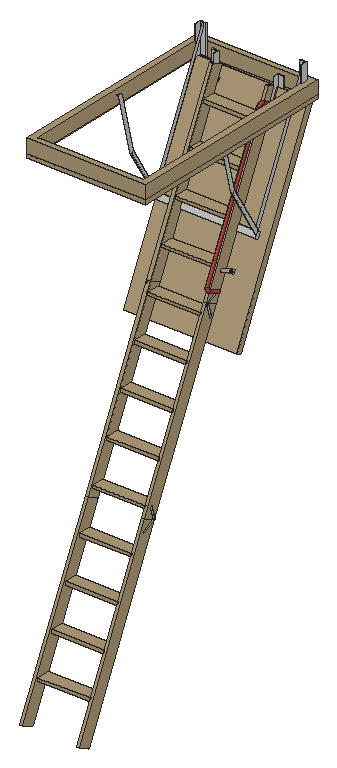
Revit family "AtticStairs_Fakro_LWP", category Generic Models, host Floor, Revit 2026
Family settings
  Host = Floor
  Can host rebar = No
  Round Connector Dimension = Use Diameter
  Part Type = Normal
  Classification Number = 23.30.70.21.17
  Always vertical = Yes
  Cut with Voids When Loaded = No
  Maintain Annotation Orientation = No
  Shared = No
  Room Calculation Point = No
Parameters (values of type "30x54")
  Warranty Duration (Years) = 0
  URL = "http://www.fakrousa.com/"
  Type Comments = ""
  Test Data = ""
  Specification = ""
  SpecWizard = ""
  Sales Information = "http://www.fakrousa.com/our-dealers/"
  Revision = "R1_2016-01"
  Product Properties = ""
  Product Data = ""
  Overall Width = 749.3 mm
  Overall Length = 1358.9 mm
  Model = "LWP"
  Mechanism width = Overall Width - 76.2 mm  # 673.1 mm
  Maximum Safe Load = 250.00 lbf
  Manufacturer Website = "http://www.fakrousa.com/"
  Manufacturer Phone - Toll Free = ""
  Manufacturer Phone = "630-543-1010"
  Manufacturer Fax = "630-543-1011"
  Manufacturer Address = "\"39 W. Factory Rd., Addison, IL 60101\""
  Manufacturer = "Fakro USA"
  Maintenance Schedule (Months) = 0
  Keynote = "11 30 33"
  Installation-Fabrication = ""
  Installation Phase = ""
  Green Building-LEED = ""
  Expected Lifespan (Years) = 0
  Drawn By = ""
  Door Width = Overall Width - 38.2 mm  # 711.1 mm
  Door Height = Overall Length - 38.2 mm  # 1320.7 mm
  Description = "Fakro LWP Attic Stairs - 30x54"
  Default Elevation = 0 mm
  Cost = 0
  Copyright = "\"ï¿½ 2015 ARCAT, Inc.\""
  Construction Details = ""
  Building Codes = ""
  Assembly Code = "C1020700"
Types (5, lengths in mm): name | Overall Width | Overall Length | Mechanism width | Door Width | Door Height | Description
  30x54 | 749.3 | 1358.9 | 673.1 | 711.1 | 1320.7 | "Fakro LWP Attic Stairs - 30x54"
  25x54 | 622.3 | 1358.9 | 546.1 | 584.1 | 1320.7 | "Fakro LWP Attic Stairs - 25x54"
  22x54 | 558.8 | 1358.9 | 482.6 | 520.6 | 1320.7 | "Fakro LWP Attic Stairs - 22x54"
  25x47 | 622.3 | 1184.275 | 546.1 | 584.1 | 1146.075 | "Fakro LWP Attic Stairs - 25x47"
  22x47 | 558.8 | 1184.275 | 482.6 | 520.6 | 1146.075 | "Fakro LWP Attic Stairs - 22x47"
Reference planes
  plane 1 "Środek (Przód/Tył)": y = 0
  plane 2: z = 0
  plane 3 "Środek (Lewa/Prawa)": x = 0
  plane 4: x = -374.65
  plane 5: x = 374.65
  plane 6: y = 650
  plane 7: y = -708.9
Forms (mm)
  Extrusion 1, solid, material "Sosna, zwyczajna"
    sketch origin (0, 0, 0) x (1, 0, 0) y (0, 1, 0)
      loop
        line (-374.65, 650) -> (-374.65, -708.9) -> (374.65, -708.9) -> (374.65, 650) -> (-374.65, 650)
      loop
        line (355.6, -689.85) -> (355.6, 630.95) -> (-355.6, 630.95) -> (-355.6, -689.85) -> (355.6, -689.85)
    from -300 to -275
  Extrusion 2, solid, material "Sosna, zwyczajna"
    sketch origin (0, 0, 0) x (1, 0, 0) y (0, 1, 0)
      loop
        line (-374.65, 650) -> (-374.65, -708.9) -> (374.65, -708.9) -> (374.65, 650) -> (-374.65, 650)
      loop
        line (-336.55, 611.9) -> (-336.55, -670.8) -> (336.55, -670.8) -> (336.55, 611.9) -> (-336.55, 611.9)
    from -275 to -188.875
  Extrusion 3, void
    sketch origin (0, 0, 0) x (1, 0, 0) y (0, 1, 0)
      loop
        line (-374.65, 650) -> (-374.65, -708.9) -> (374.65, -708.9) -> (374.65, 650) -> (-374.65, 650)
    from -300 to 0
Lines and regions (mm)
  reference lines
    curve 1: line (0, 630.95, -300) -> (0, 393.749, -790.674)
Dimensions and locks
  equal spacing: plane 4, plane 3 "Środek (Lewa/Prawa)", plane 5
  "Overall Width": plane 4 to plane 5
  "Overall Length": plane 6 to plane 7
  locked: curve 1 to host floor (angle 64.20°)
  aligned and locked: level to plane 2
  aligned and locked: Extrusion 1 sketch curve to plane 6
  aligned and locked: plane 4 to Extrusion 1 sketch curve
  aligned and locked: plane 7 to Extrusion 1 sketch curve
  aligned and locked: Extrusion 1 sketch curve to plane 5
  aligned and locked: Extrusion 2 to Extrusion 1
  aligned and locked: host floor to Extrusion 1
  aligned and locked: Extrusion 3 sketch curve to Extrusion 1  (x4)
  aligned and locked: host floor to Extrusion 3  (x2)
  aligned and locked: plane 3 "Środek (Lewa/Prawa)" to nested 1
  aligned and locked: Extrusion 1 to curve 1
  aligned and locked: curve 1 to Extrusion 1
Automatic sketch dimensions
  plane 4 to Extrusion 1 sketch curve = 19.05 mm
  Extrusion 1 sketch curve to plane 5 = 19.05 mm
  plane 7 to Extrusion 1 sketch curve = 19.05 mm
  Extrusion 1 sketch curve to plane 6 = 19.05 mm
  Extrusion 2 sketch curve to plane 4 = 0 mm
  Extrusion 2 sketch curve to plane 5 = 0 mm
  Extrusion 2 sketch curve to plane 7 = 0 mm
  Extrusion 2 sketch curve to plane 6 = 0 mm
  plane 4 to Extrusion 2 sketch curve = 38.1 mm
  Extrusion 2 sketch curve to plane 5 = 38.1 mm
  plane 7 to Extrusion 2 sketch curve = 38.1 mm
  Extrusion 2 sketch curve to plane 6 = 38.1 mm
  curve 1 to plane 6 = 256.251 mm
  curve 1 to level = 790.674 mm
  curve 1 to plane 6 = 19.05 mm
  curve 1 to level = 300 mm
Nested families
  nested 1: "mechanism" at (0, 611.9, -290.475), type "mechanism"
    with Mechanism width 673.1 mm
  nested 2: "Ladder" at (0, -590.884, -2663.639), type "Ladder"
  nested 3: "Door" at (0, 404.63, -768.166) x (1, 0, 0) z (0, -0.9003, 0.4352), type "As Specified"
    with Hatch width 711.1 mm, Hatch lenght 1320.7 mm
Definition of nested family "mechanism"
  Parameters (values of type "mechanism")
    Mechanism width = 823.8 mm
    Default Elevation = 0 mm
  Reference planes
    plane 1 "Środek (Przód/Tył)": y = 0
    plane 2: z = 0
    plane 3 "Środek (Lewa/Prawa)": x = 0
    plane 4: x = -411.9
    plane 5: x = 411.9
  Forms (mm)
    Extrusion 1, solid
      sketch origin (0, 0, 0) x (1, 0, 0) y (0, 1, 0)
        loop
          line (-411.9, 0) -> (-411.9, -40) -> (-409.9, -40) -> (-409.9, -2) -> (-371.9, -2) -> (-371.9, 0) -> (-411.9, 0)
      from 15.5 to 203
    Extrusion 2, solid
      sketch origin (0, 0, 0) x (-1, 0, 0) y (0, -1, 0)
        loop
          line (-411.9, 0) -> (-371.9, 0) -> (-371.9, 2) -> (-409.9, 2) -> (-409.9, 40) -> (-411.9, 40) -> (-411.9, 0)
      from 15.5 to 203
    Extrusion 3, solid
      sketch origin (0, -83.3, 0) x (0, 1, 0) y (0, 0, 1)
        loop
          arc (-560.297, 70.419) -> (-572.419, 77.703) -> (-579.703, 65.581) r 10
          line (-579.703, 65.581) -> (-492.731, -283.244)
          arc (-492.731, -283.244) -> (-480.609, -290.527) -> (-473.325, -278.405) r 10
          line (-473.325, -278.405) -> (-560.297, 70.419)
      from -396.2 to -393.7
    Extrusion 4, solid
      sketch origin (0, -83.3, 0) x (0, 1, 0) y (0, 0, 1)
        loop
          circle (-570, 68) r 2.5
      from -411.9 to -396.2
    Extrusion 5, solid
      sketch origin (0, -83.3, 0) x (0, 1, 0) y (0, 0, -1)
        loop
          line (-560.297, -70.419) -> (-473.325, 278.405)
          arc (-473.325, 278.405) -> (-480.609, 290.527) -> (-492.731, 283.244) r 10
          line (-492.731, 283.244) -> (-579.703, -65.581)
          arc (-579.703, -65.581) -> (-572.419, -77.703) -> (-560.297, -70.419) r 10
      from -396.2 to -393.7
    Extrusion 6, solid
      sketch origin (0, -83.3, 0) x (0, 1, 0) y (0, 0, -1)
        loop
          circle (-570, -68) r 2.5
      from -411.9 to -396.2
    Extrusion 7, solid
      sketch origin (0, -83.3, 0) x (0, 1, 0) y (0, 0, 1)
        loop
          arc (-473.325, -278.405) -> (-487.047, -274.984) -> (-490.469, -288.706) r 10
          line (-490.469, -288.706) -> (-295.53, -613.138)
          arc (-295.53, -613.138) -> (-281.808, -616.56) -> (-278.387, -602.838) r 10
          line (-278.387, -602.838) -> (-473.325, -278.405)
      from -396.2 to -393.7
    Extrusion 8, solid
      sketch origin (0, -83.3, 0) x (0, 1, 0) y (0, 0, -1)
        loop
          line (-473.325, 278.405) -> (-278.387, 602.838)
          arc (-278.387, 602.838) -> (-281.808, 616.56) -> (-295.53, 613.138) r 10
          line (-295.53, 613.138) -> (-490.469, 288.706)
          arc (-490.469, 288.706) -> (-487.047, 274.984) -> (-473.325, 278.405) r 10
      from -396.2 to -393.7
    Extrusion 9, solid
      sketch origin (0, 0, -71.478) x (0, 1, 0) y (0, 0, 1)
        loop
          line (-2, 237.599) -> (-2, 274.478) -> (-378.24, -503.811) -> (-368.36, -520.253) -> (-2, 237.599)
      from -396.2 to -393.7
    Extrusion 10, solid
      sketch origin (0, 0, -71.478) x (0, 1, 0) y (0, 0, -1)
        loop
          line (-2, -237.599) -> (-368.36, 520.253) -> (-378.24, 503.811) -> (-2, -274.478) -> (-2, -237.599)
      from -396.2 to -393.7
    Extrusion 11, solid
      sketch origin (0, -83.3, 0) x (0, 1, 0) y (0, 0, 1)
        loop
          line (-266.653, -608.924) -> (-278.302, -603.293)
          arc (-278.302, -603.293) -> (-292.849, -605.778) -> (-295.238, -620.341) r 12.709
          arc (-295.238, -620.341) -> (-295.119, -621.635) -> (-295.892, -622.679) r 1.821
          arc (-295.892, -622.679) -> (-299.808, -630.436) -> (-294.884, -637.595) r 8.522
          line (-294.884, -637.595) -> (-283.235, -643.226) -> (-266.653, -608.924)
      from -396.2 to -398.2
    Extrusion 12, solid
      sketch origin (0, -83.3, 0) x (0, 1, 0) y (0, 0, -1)
        loop
          line (-266.653, 608.924) -> (-283.235, 643.226) -> (-294.884, 637.595)
          arc (-294.884, 637.595) -> (-299.808, 630.436) -> (-295.892, 622.679) r 8.522
          arc (-295.892, 622.679) -> (-295.119, 621.635) -> (-295.238, 620.341) r 1.821
          arc (-295.238, 620.341) -> (-292.849, 605.778) -> (-278.302, 603.293) r 12.709
          line (-278.302, 603.293) -> (-266.653, 608.924)
      from -396.2 to -398.2
    Sweep 13, solid
      path origin (0, 0, 0) x (1, 0, 0) y (0, 0, 1)
        loop
          line (-396.2, -642.906) -> (396.2, -642.906)
      profile origin (0, 0, -642.906) x (0, 0, 1) y (0, -1, 0)
        loop
          line (-0.32, 366.535) -> (33.982, 349.953) -> (37.877, 358.011) -> (3.575, 374.593) -> (-0.32, 366.535)
  Dimensions and locks
    equal spacing: plane 4, plane 3 "Środek (Lewa/Prawa)", plane 5
    "Mechanism width": plane 4 to plane 5
    locked: Extrusion 3 to plane 4 at 15.7
    locked: plane 5 to Extrusion 5 at 15.7
    locked: Extrusion 3 to Extrusion 3 at 2.5
    locked: Extrusion 5 to Extrusion 5 at 2.5
    locked: Extrusion 11 to Extrusion 7 at 2
    locked: Extrusion 12 to Extrusion 8 at 2
    aligned and locked: level to plane 2
    aligned and locked: plane 1 "Środek (Przód/Tył)" to Extrusion 1 sketch curve
    aligned and locked: Extrusion 1 sketch curve to plane 4
    aligned and locked: Extrusion 4 to plane 4
    aligned and locked: Extrusion 3 to Extrusion 4
    aligned and locked: Extrusion 6 to Extrusion 5  (x2)
    aligned and locked: plane 5 to Extrusion 6
    aligned and locked: Extrusion 3 to Extrusion 7
    aligned and locked: Extrusion 7 to Extrusion 3
    aligned and locked: Extrusion 8 to Extrusion 5
    aligned and locked: Extrusion 5 to Extrusion 8
    aligned and locked: Extrusion 9 to Extrusion 3  (x2)
    aligned and locked: Extrusion 9 to Extrusion 1
    aligned and locked: Extrusion 7 to Extrusion 9 sketch curve
    aligned and locked: Extrusion 10 to Extrusion 8
    aligned and locked: Extrusion 8 to Extrusion 10
    aligned and locked: Extrusion 7 to Extrusion 11
    aligned and locked: Extrusion 12 to Extrusion 8
    aligned and locked: Sweep 13 sketch curve to Extrusion 11  (x3)
  Automatic sketch dimensions
    plane 4 to Extrusion 1 sketch curve = 2 mm
    plane 1 "Środek (Przód/Tył)" to Extrusion 1 sketch curve = 2 mm
    Extrusion 1 sketch curve to Extrusion 1 sketch curve = 38 mm  (x2)
    Extrusion 2 sketch curve to plane 5 = 0 mm
    plane 1 "Środek (Przód/Tył)" to Extrusion 2 sketch curve = 0 mm
    plane 5 to Extrusion 2 sketch curve = 2 mm
    Extrusion 2 sketch curve to plane 1 "Środek (Przód/Tył)" = 2 mm
    Extrusion 2 sketch curve to Extrusion 2 sketch curve = 38 mm  (x2)
    level to Extrusion 3 sketch curve = 65.581 mm
    plane 1 "Środek (Przód/Tył)" to Extrusion 3 sketch curve = 663.003 mm
    Extrusion 3 sketch curve to Extrusion 3 sketch curve = 9.703 mm  (x4)
    level to Extrusion 3 sketch curve = 70.419 mm
    Extrusion 3 sketch curve to Extrusion 3 sketch curve = 86.972 mm
    Extrusion 3 sketch curve to level = 278.405 mm
    Extrusion 3 sketch curve to Extrusion 3 sketch curve = 2.419 mm
    Extrusion 4 sketch curve to Extrusion 4 sketch curve = 0 mm  (x2)
    level to Extrusion 4 sketch curve = 68 mm
    plane 1 "Środek (Przód/Tył)" to Extrusion 4 sketch curve = 653.3 mm
    Extrusion 4 sketch curve to Extrusion 4 sketch curve = 2.426 mm  (x2)
    Extrusion 4 sketch curve to Extrusion 4 sketch curve = 0.605 mm
    level to Extrusion 5 sketch curve = 65.581 mm
    plane 1 "Środek (Przód/Tył)" to Extrusion 5 sketch curve = 663.003 mm
    Extrusion 5 sketch curve to Extrusion 5 sketch curve = 9.703 mm  (x4)
    level to Extrusion 5 sketch curve = 70.419 mm
    Extrusion 5 sketch curve to Extrusion 5 sketch curve = 86.972 mm
    Extrusion 5 sketch curve to level = 278.405 mm
    Extrusion 5 sketch curve to Extrusion 5 sketch curve = 2.419 mm
    Extrusion 6 sketch curve to Extrusion 6 sketch curve = 0 mm  (x2)
    level to Extrusion 6 sketch curve = 68 mm
    plane 1 "Środek (Przód/Tył)" to Extrusion 6 sketch curve = 653.3 mm
    Extrusion 6 sketch curve to Extrusion 6 sketch curve = 2.426 mm  (x2)
    Extrusion 6 sketch curve to Extrusion 6 sketch curve = 0.605 mm
    plane 1 "Środek (Przód/Tył)" to Extrusion 7 sketch curve = 573.769 mm
    Extrusion 7 sketch curve to Extrusion 7 sketch curve = 8.572 mm  (x4)
    Extrusion 7 sketch curve to level = 278.405 mm
    plane 1 "Środek (Przód/Tył)" to Extrusion 7 sketch curve = 378.83 mm
    Extrusion 7 sketch curve to Extrusion 7 sketch curve = 5.15 mm  (x2)
    Extrusion 7 sketch curve to Extrusion 7 sketch curve = 324.432 mm
    plane 1 "Środek (Przód/Tył)" to Extrusion 8 sketch curve = 573.769 mm
    Extrusion 8 sketch curve to Extrusion 8 sketch curve = 8.572 mm  (x4)
    Extrusion 8 sketch curve to level = 278.405 mm
    plane 1 "Środek (Przód/Tył)" to Extrusion 8 sketch curve = 378.83 mm
    Extrusion 8 sketch curve to Extrusion 8 sketch curve = 5.15 mm  (x2)
    Extrusion 8 sketch curve to Extrusion 8 sketch curve = 324.432 mm
    plane 4 to Sweep 13 sketch curve = 15.7 mm
    Sweep 13 sketch curve to plane 5 = 15.7 mm
    Sweep 13 sketch curve to level = 642.906 mm
    plane 1 "Środek (Przód/Tył)" to Extrusion 9 sketch curve = 378.24 mm
    Extrusion 9 sketch curve to Extrusion 9 sketch curve = 9.879 mm
    plane 1 "Środek (Przód/Tył)" to Extrusion 9 sketch curve = 2 mm
    level to Extrusion 9 sketch curve = 166.121 mm
    Extrusion 9 sketch curve to Extrusion 9 sketch curve = 36.879 mm
    plane 1 "Środek (Przód/Tył)" to Extrusion 10 sketch curve = 378.24 mm
    Extrusion 10 sketch curve to Extrusion 10 sketch curve = 9.879 mm
    plane 1 "Środek (Przód/Tył)" to Extrusion 10 sketch curve = 2 mm
    level to Extrusion 10 sketch curve = 203 mm
    Extrusion 10 sketch curve to Extrusion 10 sketch curve = 36.879 mm
    Extrusion 10 sketch curve to level = 575.289 mm
    Extrusion 10 sketch curve to Extrusion 10 sketch curve = 16.442 mm
    plane 1 "Środek (Przód/Tył)" to Extrusion 11 sketch curve = 380.173 mm
    Extrusion 11 sketch curve to Extrusion 11 sketch curve = 1.989 mm
    Extrusion 11 sketch curve to Extrusion 11 sketch curve = 3.579 mm
    Extrusion 11 sketch curve to Extrusion 11 sketch curve = 13.04 mm
    Extrusion 11 sketch curve to Extrusion 11 sketch curve = 11.648 mm  (x2)
    Extrusion 11 sketch curve to Extrusion 11 sketch curve = 5.531 mm
    Extrusion 11 sketch curve to level = 643.226 mm
    Extrusion 11 sketch curve to Extrusion 11 sketch curve = 5.631 mm
    Extrusion 11 sketch curve to Extrusion 11 sketch curve = 7.734 mm
    Extrusion 11 sketch curve to Extrusion 11 sketch curve = 8.717 mm
    Extrusion 11 sketch curve to Extrusion 11 sketch curve = 11.442 mm
    Extrusion 11 sketch curve to Extrusion 11 sketch curve = 0 mm
    plane 1 "Środek (Przód/Tył)" to Extrusion 12 sketch curve = 380.173 mm
    Extrusion 12 sketch curve to Extrusion 12 sketch curve = 1.989 mm
    Extrusion 12 sketch curve to Extrusion 12 sketch curve = 3.579 mm
    Extrusion 12 sketch curve to Extrusion 12 sketch curve = 13.04 mm
    Extrusion 12 sketch curve to Extrusion 12 sketch curve = 11.648 mm  (x2)
    Extrusion 12 sketch curve to Extrusion 12 sketch curve = 5.531 mm
    Extrusion 12 sketch curve to level = 603.293 mm
    Extrusion 12 sketch curve to Extrusion 12 sketch curve = 5.631 mm
    Extrusion 12 sketch curve to Extrusion 12 sketch curve = 11.442 mm
    Extrusion 12 sketch curve to Extrusion 12 sketch curve = 6.409 mm
    Extrusion 12 sketch curve to Extrusion 12 sketch curve = 7.734 mm
    Extrusion 12 sketch curve to Extrusion 12 sketch curve = 0 mm
    Sweep 13 sketch curve to profile plane = 3.575 mm
Definition of nested family "Ladder"
  Parameters (values of type "Ladder")
    Ladder width = 336.6 mm
    Default Elevation = 0 mm
    Ceiling height = 3050 mm
  Reference planes
    plane 1 "Środek (Przód/Tył)": y = 0
    plane 2: z = 0
    plane 3 "Środek (Lewa/Prawa)": x = 0
    plane 4: through (0, 44.529, 92.113) normal (0, 0.9003, -0.4352)
    plane 5: x = -168.3
    plane 6: x = 168.3
    plane 7: z = -686.361
    plane 8: z = 2363.639
    plane 9: through (0, 99.718, 65.433) normal (0, 0.9003, -0.4352)
  Forms (mm)
    Extrusion 1, solid
      sketch origin (0, 44.529, 92.113) x (0, 1, 0) y (0, 0, 1)
        loop
          line (1118.255, 2313.222) -> (1046.049, 2348.127) -> (554.674, 1331.667) -> (626.879, 1296.762) -> (1118.255, 2313.222)
      from -168.3 to -188.3
    Extrusion 2, solid
      sketch origin (0, 44.529, 92.113) x (0, 1, 0) y (0, 0, 1)
        loop
          line (626.879, 1296.762) -> (554.674, 1331.667) -> (67.215, 323.31) -> (139.42, 288.405) -> (626.879, 1296.762)
      from -168.3 to -188.3
    Extrusion 3, solid
      sketch origin (0, 44.529, 92.113) x (0, 1, 0) y (0, 0, 1)
        loop
          line (139.42, 288.405) -> (67.215, 323.31) -> (-448.534, -743.568) -> (-376.329, -778.473) -> (139.42, 288.405)
      from -168.3 to -188.3
    Extrusion 4, solid
      sketch origin (0, 44.529, 92.113) x (0, 1, 0) y (0, 0, -1)
        loop
          line (1118.255, -2313.222) -> (626.879, -1296.762) -> (554.674, -1331.667) -> (1046.049, -2348.127) -> (1118.255, -2313.222)
      from -168.3 to -188.3
    Extrusion 5, solid
      sketch origin (0, 44.529, 92.113) x (0, 1, 0) y (0, 0, -1)
        loop
          line (626.879, -1296.762) -> (139.42, -288.405) -> (67.215, -323.31) -> (554.674, -1331.667) -> (626.879, -1296.762)
      from -168.3 to -188.3
    Extrusion 6, solid
      sketch origin (0, 44.529, 92.113) x (0, 1, 0) y (0, 0, -1)
        loop
          line (139.42, -288.405) -> (-376.329, 778.473) -> (-448.534, 743.568) -> (67.215, -323.31) -> (139.42, -288.405)
      from -168.3 to -188.3
    Sweep 7, solid
      path origin (0, 0, 0) x (1, 0, 0) y (0, 0, 1)
        loop
          line (-168.3, -686.361) -> (168.3, -686.361)
      profile origin (0, 0, -686.361) x (0, 0, 1) y (0, -1, 0)
        loop
          line (259.985, 295.197) -> (239.985, 295.197) -> (239.985, 215.786) -> (259.985, 215.786) -> (259.985, 295.197)
        loop
          line (485.065, 186.39) -> (465.065, 186.39) -> (465.065, 106.979) -> (485.065, 106.979) -> (485.065, 186.39)
        loop
          line (710.145, 77.582) -> (690.145, 77.582) -> (690.145, -1.829) -> (710.145, -1.829) -> (710.145, 77.582)
        loop
          line (935.224, -31.226) -> (915.224, -31.226) -> (915.224, -110.637) -> (935.224, -110.637) -> (935.224, -31.226)
        loop
          line (1160.304, -140.034) -> (1140.304, -140.034) -> (1140.304, -219.445) -> (1160.304, -219.445) -> (1160.304, -140.034)
        loop
          line (1385.384, -248.841) -> (1365.384, -248.841) -> (1365.384, -328.253) -> (1385.384, -328.253) -> (1385.384, -248.841)
        loop
          line (1610.463, -357.649) -> (1590.463, -357.649) -> (1590.463, -437.06) -> (1610.463, -437.06) -> (1610.463, -357.649)
        loop
          line (1835.543, -466.457) -> (1815.543, -466.457) -> (1815.543, -545.868) -> (1835.543, -545.868) -> (1835.543, -466.457)
        loop
          line (2060.623, -575.265) -> (2040.623, -575.265) -> (2040.623, -654.676) -> (2060.623, -654.676) -> (2060.623, -575.265)
        loop
          line (2285.702, -684.073) -> (2265.702, -684.073) -> (2265.702, -763.484) -> (2285.702, -763.484) -> (2285.702, -684.073)
        loop
          line (2510.782, -792.88) -> (2490.782, -792.88) -> (2490.782, -872.291) -> (2510.782, -872.291) -> (2510.782, -792.88)
        loop
          line (2735.862, -901.688) -> (2715.862, -901.688) -> (2715.862, -981.099) -> (2735.862, -981.099) -> (2735.862, -901.688)
        loop
          line (2960.942, -1010.496) -> (2940.942, -1010.496) -> (2940.942, -1089.907) -> (2960.942, -1089.907) -> (2960.942, -1010.496)
    Extrusion 8, void
      sketch origin (0, 0, 0) x (0, 1, 0) y (0, 0, 1)
        loop
          line (1251.879, -686.361) -> (-1948.121, -686.361) -> (-1948.121, -1986.361) -> (1251.879, -1986.361) -> (1251.879, -686.361)
      from -346.203 to 396.061
    Extrusion 9, solid
      sketch origin (0, 0, 0) x (0, 1, 0) y (0, 0, 1)
        loop
          arc (181.547, 378.094) -> (184.081, 384.695) -> (177.479, 387.229) r 5
          line (177.479, 387.229) -> (99.456, 352.491)
          arc (99.456, 352.491) -> (96.922, 345.89) -> (103.523, 343.356) r 5
          line (103.523, 343.356) -> (181.547, 378.094)
      from -188.3 to -190.3
    Extrusion 10, solid
      sketch origin (0, 367.898, 761.034) x (0, 0.621148, -0.783693) y (0, 0.783693, 0.621148)
        loop
          line (181.547, -378.094) -> (103.523, -343.356)
          arc (103.523, -343.356) -> (96.922, -345.89) -> (99.456, -352.491) r 5
          line (99.456, -352.491) -> (177.479, -387.229)
          arc (177.479, -387.229) -> (184.081, -384.695) -> (181.547, -378.094) r 5
      from -188.3 to -190.3
    Extrusion 11, solid
      sketch origin (0, 0, 0) x (0, 1, 0) y (0, 0, -1)
        loop
          line (181.547, -378.094) -> (103.523, -343.356)
          arc (103.523, -343.356) -> (96.922, -345.89) -> (99.456, -352.491) r 5
          line (99.456, -352.491) -> (177.479, -387.229)
          arc (177.479, -387.229) -> (184.081, -384.695) -> (181.547, -378.094) r 5
      from -188.3 to -190.3
    Extrusion 12, solid
      sketch origin (0, 367.898, 761.034) x (0, 0.621148, -0.783693) y (0, -0.783693, -0.621148)
        loop
          arc (181.547, 378.094) -> (184.081, 384.695) -> (177.479, 387.229) r 5
          line (177.479, 387.229) -> (99.456, 352.491)
          arc (99.456, 352.491) -> (96.922, 345.89) -> (103.523, 343.356) r 5
          line (103.523, 343.356) -> (181.547, 378.094)
      from -188.3 to -190.3
    Extrusion 13, solid
      sketch origin (0, 415.253, 1043.263) x (0, -0.621148, 0.783693) y (0, -0.783693, -0.621148)
        loop
          line (181.547, -378.094) -> (103.523, -343.356)
          arc (103.523, -343.356) -> (96.922, -345.89) -> (99.456, -352.491) r 5
          line (99.456, -352.491) -> (177.479, -387.229)
          arc (177.479, -387.229) -> (184.081, -384.695) -> (181.547, -378.094) r 5
      from -188.3 to -190.3
    Extrusion 14, solid
      sketch origin (0, 783.152, 1804.297) x (0, -1, 0) y (0, 0, -1)
        loop
          arc (181.547, 378.094) -> (184.081, 384.695) -> (177.479, 387.229) r 5
          line (177.479, 387.229) -> (99.456, 352.491)
          arc (99.456, 352.491) -> (96.922, 345.89) -> (103.523, 343.356) r 5
          line (103.523, 343.356) -> (181.547, 378.094)
      from -188.3 to -190.3
    Extrusion 15, solid
      sketch origin (0, 415.253, 1043.263) x (0, -0.621148, 0.783693) y (0, 0.783693, 0.621148)
        loop
          arc (181.547, 378.094) -> (184.081, 384.695) -> (177.479, 387.229) r 5
          line (177.479, 387.229) -> (99.456, 352.491)
          arc (99.456, 352.491) -> (96.922, 345.89) -> (103.523, 343.356) r 5
          line (103.523, 343.356) -> (181.547, 378.094)
      from -188.3 to -190.3
    Extrusion 16, solid
      sketch origin (0, 783.152, 1804.297) x (0, -1, 0) y (0, 0, 1)
        loop
          line (181.547, -378.094) -> (103.523, -343.356)
          arc (103.523, -343.356) -> (96.922, -345.89) -> (99.456, -352.491) r 5
          line (99.456, -352.491) -> (177.479, -387.229)
          arc (177.479, -387.229) -> (184.081, -384.695) -> (181.547, -378.094) r 5
      from -188.3 to -190.3
    Extrusion 17, solid
      sketch origin (0, -19.871, -52.594) x (0, 1, 0) y (0, 0, 1)
        loop
          line (1146.399, 2463.575) -> (1114.059, 2396.678)
          arc (1114.059, 2396.678) -> (1118.71, 2383.322) -> (1132.066, 2387.973) r 10
          line (1132.066, 2387.973) -> (1165.883, 2457.928) -> (1182.655, 2457.928) -> (1182.655, 2527.328) -> (1146.399, 2527.328) -> (1146.399, 2463.575)
      from 188.3 to 190.3
    Extrusion 18, solid
      sketch origin (0, -62.806, -54.919) x (0, 1, 0) y (0, 0, 1)
        loop
          line (1225.589, 2529.653) -> (1223.589, 2529.653) -> (1223.589, 2460.253) -> (1225.589, 2460.253) -> (1225.589, 2529.653)
      from 190.3 to 226.3
    Extrusion 19, solid
      sketch origin (0, -19.871, -52.594) x (0, 1, 0) y (0, 0, -1)
        loop
          line (1146.399, -2463.575) -> (1146.399, -2527.328) -> (1182.655, -2527.328) -> (1182.655, -2457.928) -> (1165.883, -2457.928) -> (1132.066, -2387.973)
          arc (1132.066, -2387.973) -> (1118.71, -2383.322) -> (1114.059, -2396.678) r 10
          line (1114.059, -2396.678) -> (1146.399, -2463.575)
      from 188.3 to 190.3
    Extrusion 20, solid
      sketch origin (0, -62.806, -54.919) x (0, 1, 0) y (0, 0, -1)
        loop
          line (1225.589, -2529.653) -> (1225.589, -2460.253) -> (1223.589, -2460.253) -> (1223.589, -2529.653) -> (1225.589, -2529.653)
      from 190.3 to 226.3
    Extrusion 21, solid
      sketch origin (0, 33.066, 40.71) x (0, 1, 0) y (0, 0, -1)
        loop
          arc (1123.35, -2284.399) -> (1128.001, -2271.043) -> (1114.645, -2266.392) r 10
          line (1114.645, -2266.392) -> (1065.773, -2290.018)
          arc (1065.773, -2290.018) -> (1061.122, -2303.374) -> (1074.477, -2308.025) r 10
          line (1074.477, -2308.025) -> (1123.35, -2284.399)
      from 188.3 to 190.3
    Extrusion 22, solid
      sketch origin (0, 13.023, 46.11) x (0, 1, 0) y (0, 0, -1)
        loop
          circle (1145.228, -2267.173) r 3.13
      from 190.3 to 210.3
    Extrusion 23, solid
      sketch origin (0, 22.291, 46.11) x (0, 1, 0) y (0, 0, -1)
        loop
          line (1149.536, -2271.549) -> (1140.831, -2253.542) -> (1131.512, -2258.048) -> (1132.902, -2260.501) -> (1130.904, -2266.304)
          arc (1130.904, -2266.304) -> (1132.096, -2270.547) -> (1136.139, -2272.3) r 5.13
          line (1136.139, -2272.3) -> (1139.234, -2272.192) -> (1141.164, -2275.596) -> (1149.536, -2271.549)
        loop
          arc (1132.855, -2266.783) -> (1133.65, -2269.285) -> (1136.07, -2270.301) r 3.13
          line (1136.07, -2270.301) -> (1139.164, -2270.193)
          arc (1139.164, -2270.193) -> (1138.177, -2265.093) -> (1134.793, -2261.152) r 10.14
          line (1134.793, -2261.152) -> (1132.855, -2266.783)
      from 190.3 to 210.3
    Extrusion 24, solid
      sketch origin (0, -356.89, -738.261) x (0, 1, 0) y (0, 0, 1)
        loop
          line (1134.201, 2279.153) -> (1074.477, 2308.025)
          arc (1074.477, 2308.025) -> (1061.122, 2303.374) -> (1065.773, 2290.018) r 10
          line (1065.773, 2290.018) -> (1125.496, 2261.147)
          arc (1125.496, 2261.147) -> (1138.852, 2265.798) -> (1134.201, 2279.153) r 10
      from 188.3 to 190.3
    Extrusion 25, solid
      sketch origin (0, -356.89, -738.261) x (0, 1, 0) y (0, 0, -1)
        loop
          arc (1134.201, -2279.153) -> (1138.852, -2265.798) -> (1125.496, -2261.147) r 10
          line (1125.496, -2261.147) -> (1065.773, -2290.018)
          arc (1065.773, -2290.018) -> (1061.122, -2303.374) -> (1074.477, -2308.025) r 10
          line (1074.477, -2308.025) -> (1134.201, -2279.153)
      from 188.3 to 190.3
    Extrusion 26, solid
      sketch origin (0, -356.89, -738.261) x (0, 1, 0) y (0, 0, -1)
        loop
          circle (1135.96, -2267.173) r 3.13
      from 190.3 to 210.3
    Extrusion 27, solid
      sketch origin (0, -356.89, -738.261) x (0, 1, 0) y (0, 0, -1)
        loop
          line (1149.611, -2271.704) -> (1140.906, -2253.698) -> (1131.597, -2258.198) -> (1132.902, -2260.501) -> (1130.904, -2266.304)
          arc (1130.904, -2266.304) -> (1132.096, -2270.547) -> (1136.139, -2272.3) r 5.13
          line (1136.139, -2272.3) -> (1139.234, -2272.192) -> (1141.249, -2275.746) -> (1149.611, -2271.704)
        loop
          arc (1132.855, -2266.783) -> (1133.65, -2269.285) -> (1136.07, -2270.301) r 3.13
          line (1136.07, -2270.301) -> (1139.164, -2270.193)
          arc (1139.164, -2270.193) -> (1138.177, -2265.093) -> (1134.793, -2261.152) r 10.14
          line (1134.793, -2261.152) -> (1132.855, -2266.783)
      from 190.3 to 210.3
    Extrusion 28, solid
      sketch origin (0, -356.89, -738.261) x (0, 1, 0) y (0, 0, 1)
        loop
          circle (1135.96, 2267.173) r 3.13
      from 190.3 to 210.3
    Extrusion 29, solid
      sketch origin (0, -356.89, -738.261) x (0, 1, 0) y (0, 0, 1)
        loop
          line (1149.611, 2271.704) -> (1141.249, 2275.746) -> (1139.234, 2272.192) -> (1136.139, 2272.3)
          arc (1136.139, 2272.3) -> (1132.096, 2270.547) -> (1130.904, 2266.304) r 5.13
          line (1130.904, 2266.304) -> (1132.902, 2260.501) -> (1131.597, 2258.198) -> (1140.906, 2253.698) -> (1149.611, 2271.704)
        loop
          line (1132.855, 2266.783) -> (1134.793, 2261.152)
          arc (1134.793, 2261.152) -> (1138.177, 2265.093) -> (1139.164, 2270.193) r 10.14
          line (1139.164, 2270.193) -> (1136.07, 2270.301)
          arc (1136.07, 2270.301) -> (1133.65, 2269.285) -> (1132.855, 2266.783) r 3.13
      from 190.3 to 210.3
    Extrusion 30, solid
      sketch origin (0, 33.066, 40.71) x (0, 1, 0) y (0, 0, 1)
        loop
          line (1123.35, 2284.399) -> (1074.477, 2308.025)
          arc (1074.477, 2308.025) -> (1061.122, 2303.374) -> (1065.773, 2290.018) r 10
          line (1065.773, 2290.018) -> (1114.645, 2266.392)
          arc (1114.645, 2266.392) -> (1128.001, 2271.043) -> (1123.35, 2284.399) r 10
      from 188.3 to 190.3
    Extrusion 31, solid
      sketch origin (0, 22.291, 46.11) x (0, 1, 0) y (0, 0, 1)
        loop
          circle (1135.96, 2267.173) r 3.13
      from 190.3 to 210.3
    Extrusion 32, solid
      sketch origin (0, 22.291, 46.11) x (0, 1, 0) y (0, 0, 1)
        loop
          line (1149.536, 2271.549) -> (1141.164, 2275.596) -> (1139.234, 2272.192) -> (1136.139, 2272.3)
          arc (1136.139, 2272.3) -> (1132.096, 2270.547) -> (1130.904, 2266.304) r 5.13
          line (1130.904, 2266.304) -> (1132.902, 2260.501) -> (1131.512, 2258.048) -> (1140.831, 2253.542) -> (1149.536, 2271.549)
        loop
          line (1132.855, 2266.783) -> (1134.793, 2261.152)
          arc (1134.793, 2261.152) -> (1138.177, 2265.093) -> (1139.164, 2270.193) r 10.14
          line (1139.164, 2270.193) -> (1136.07, 2270.301)
          arc (1136.07, 2270.301) -> (1133.65, 2269.285) -> (1132.855, 2266.783) r 3.13
      from 190.3 to 210.3
    Sweep 33, solid
      path origin (0, 0, 0) x (0, 1, 0) y (0, 0, 1)
        loop
          line (681.784, 1456.245) -> (603.264, 1494.273)
          arc (603.264, 1494.273) -> (591.566, 1507.402) -> (592.578, 1524.959) r 22.976
          line (592.578, 1524.959) -> (999.205, 2364.553)
          arc (999.205, 2364.553) -> (1012.064, 2376.104) -> (1029.326, 2375.22) r 22.649
          line (1029.326, 2375.22) -> (1103.191, 2339.731)
      profile origin (0, 795.892, 1944.756) x (0, -0.900003, 0.435883) y (1, 0, 0)
        loop
          circle (0, 196.3) r 8
  Cuts and joins
    Extrusion 8 cuts Sweep 7
  Dimensions and locks
    equal spacing: plane 6, plane 3 "Środek (Lewa/Prawa)", plane 5
    "Ladder width": plane 6 to plane 5
    "Ceiling height": plane 8 to plane 7
    locked: plane 5 to Extrusion 3 at 20
    locked: Extrusion 6 to plane 6 at 20
    locked: Extrusion 9 to Extrusion 2 at 2
    locked: Extrusion 11 to Extrusion 5 at 2
    aligned and locked: level to plane 2
    aligned and locked: Extrusion 1 to plane 5
    aligned and locked: Extrusion 2 to plane 5
    aligned and locked: Extrusion 3 to plane 5
    aligned and locked: Extrusion 2 to Extrusion 3
    aligned and locked: Extrusion 1 to Extrusion 2
    aligned and locked: Extrusion 4 to plane 6
    aligned and locked: Extrusion 5 to plane 6
    aligned and locked: Extrusion 6 to plane 6
    aligned and locked: Extrusion 6 to Extrusion 5
    aligned and locked: Extrusion 5 to Extrusion 4
    aligned and locked: plane 4 to Sweep 7 sketch curve  (x4)
    aligned and locked: Extrusion 8 sketch curve to plane 7
    aligned and locked: Extrusion 3 to Extrusion 9
    aligned and locked: Extrusion 10 to Extrusion 2
    aligned and locked: Extrusion 10 to Extrusion 9
    aligned and locked: Extrusion 12 to Extrusion 11  (x2)
    aligned and locked: Extrusion 11 to Extrusion 6
    aligned and locked: Extrusion 12 to Extrusion 5
    aligned and locked: Extrusion 14 to Extrusion 13
    aligned and locked: Extrusion 16 to Extrusion 15  (x2)
    aligned and locked: Extrusion 13 to Extrusion 2
    aligned and locked: Extrusion 14 to Extrusion 1
    aligned and locked: Extrusion 13 to Extrusion 9
    aligned and locked: Extrusion 14 to Extrusion 9
    aligned and locked: Extrusion 16 to Extrusion 4
    aligned and locked: Extrusion 15 to Extrusion 5
    aligned and locked: Extrusion 11 to Extrusion 15
    aligned and locked: Extrusion 11 to Extrusion 16
    aligned and locked: Extrusion 17 to Extrusion 4
    aligned and locked: Extrusion 17 to Extrusion 16
    aligned and locked: Extrusion 18 to Extrusion 17
    aligned and locked: Extrusion 19 to Extrusion 20  (x2)
    aligned and locked: Extrusion 19 to Extrusion 1
    aligned and locked: Extrusion 19 to Extrusion 14
    aligned and locked: plane 4 to Extrusion 20 sketch curve
    aligned and locked: plane 4 to Extrusion 19 sketch curve
    aligned and locked: Extrusion 19 sketch curve to Extrusion 19 sketch curve
    aligned and locked: Extrusion 21 to Extrusion 1
    aligned and locked: Extrusion 19 to Extrusion 21
    aligned and locked: Extrusion 26 to Extrusion 27
    aligned and locked: Extrusion 29 to Extrusion 28
    aligned and locked: Extrusion 21 to Extrusion 23
    aligned and locked: Extrusion 23 to Extrusion 22
    aligned and locked: Extrusion 22 to Extrusion 21
    aligned and locked: Extrusion 32 to Extrusion 30
    aligned and locked: Extrusion 31 to Extrusion 32
    aligned and locked: Extrusion 30 to Extrusion 31
    aligned and locked: Extrusion 17 to Extrusion 30
    aligned and locked: Extrusion 30 to Extrusion 17
    aligned and locked: Extrusion 24 to Extrusion 4
    aligned and locked: Extrusion 24 to Extrusion 30
    aligned and locked: Extrusion 29 to Extrusion 24
    aligned and locked: Extrusion 25 to Extrusion 1
    aligned and locked: Extrusion 25 to Extrusion 21
    aligned and locked: Extrusion 27 to Extrusion 25
    aligned and locked: Extrusion 26 to Extrusion 25
    aligned and locked: Extrusion 28 to Extrusion 24
  Automatic sketch dimensions
    plane 4 to Extrusion 1 sketch curve = 0 mm  (x2)
    Extrusion 1 sketch curve to plane 1 "Środek (Przód/Tył)" = 599.202 mm
    Extrusion 1 sketch curve to Extrusion 1 sketch curve = 72.206 mm
    plane 8 to Extrusion 1 sketch curve = 76.6 mm
    plane 4 to Extrusion 2 sketch curve = 0 mm  (x2)
    Extrusion 2 sketch curve to plane 1 "Środek (Przód/Tył)" = 111.744 mm
    Extrusion 2 sketch curve to Extrusion 2 sketch curve = 72.206 mm
    Extrusion 2 sketch curve to plane 1 "Środek (Przód/Tył)" = 599.202 mm
    Extrusion 3 sketch curve to plane 4 = 0 mm
    Extrusion 3 sketch curve to plane 7 = 0 mm
    plane 4 to Extrusion 3 sketch curve = 0 mm
    plane 7 to Extrusion 3 sketch curve = 34.906 mm
    Extrusion 3 sketch curve to plane 1 "Środek (Przód/Tył)" = 111.744 mm
    plane 4 to Extrusion 4 sketch curve = 0 mm  (x2)
    Extrusion 4 sketch curve to plane 1 "Środek (Przód/Tył)" = 599.202 mm
    Extrusion 4 sketch curve to Extrusion 4 sketch curve = 72.206 mm
    plane 8 to Extrusion 4 sketch curve = 76.6 mm
    plane 4 to Extrusion 5 sketch curve = 0 mm  (x2)
    Extrusion 5 sketch curve to plane 1 "Środek (Przód/Tył)" = 111.744 mm
    Extrusion 5 sketch curve to Extrusion 5 sketch curve = 72.206 mm
    Extrusion 5 sketch curve to plane 1 "Środek (Przód/Tył)" = 599.202 mm
    plane 4 to Extrusion 6 sketch curve = 0 mm  (x2)
    Extrusion 6 sketch curve to plane 7 = 0 mm
    plane 7 to Extrusion 6 sketch curve = 34.906 mm
    Extrusion 6 sketch curve to plane 1 "Środek (Przód/Tył)" = 111.744 mm
    Sweep 7 sketch curve to plane 5 = 0 mm
    Sweep 7 sketch curve to plane 6 = 0 mm
    Sweep 7 sketch curve to plane 7 = 0 mm
    plane 1 "Środek (Przód/Tył)" to Sweep 7 sketch curve = 215.786 mm
    Sweep 7 sketch curve to Sweep 7 sketch curve = 20 mm  (x13)
    Sweep 7 sketch curve to Sweep 7 sketch curve = 205.08 mm  (x10)
    Sweep 7 sketch curve to plane 1 "Środek (Przód/Tył)" = 1.829 mm
    Sweep 7 sketch curve to plane 1 "Środek (Przód/Tył)" = 110.637 mm
    Sweep 7 sketch curve to plane 1 "Środek (Przód/Tył)" = 140.034 mm
    Sweep 7 sketch curve to Sweep 7 sketch curve = 79.411 mm  (x11)
    Sweep 7 sketch curve to Sweep 7 sketch curve = 29.397 mm  (x8)
    Sweep 7 sketch curve to plane 1 "Środek (Przód/Tył)" = 31.226 mm
    plane 1 "Środek (Przód/Tył)" to Sweep 7 sketch curve = 77.582 mm
    plane 1 "Środek (Przód/Tył)" to Extrusion 8 sketch curve = 1948.121 mm
    Extrusion 8 sketch curve to plane 1 "Środek (Przód/Tył)" = 1251.879 mm
    Extrusion 8 sketch curve to plane 7 = 1300 mm
    Extrusion 9 sketch curve to plane 1 "Środek (Przód/Tył)" = 99.456 mm
    Extrusion 9 sketch curve to Extrusion 9 sketch curve = 2.034 mm  (x4)
    Extrusion 9 sketch curve to Extrusion 9 sketch curve = 78.024 mm
    level to Extrusion 9 sketch curve = 343.356 mm
    Extrusion 9 sketch curve to Extrusion 9 sketch curve = 4.568 mm  (x2)
    Extrusion 9 sketch curve to Extrusion 9 sketch curve = 34.738 mm
    plane 4 to Extrusion 10 sketch curve = 63.873 mm
    plane 1 "Środek (Przód/Tył)" to Extrusion 10 sketch curve = 153.43 mm
    Extrusion 10 sketch curve to Extrusion 10 sketch curve = 2.034 mm  (x4)
    Extrusion 10 sketch curve to Extrusion 10 sketch curve = 78.024 mm
    Extrusion 10 sketch curve to Extrusion 10 sketch curve = 4.568 mm  (x2)
    Extrusion 10 sketch curve to Extrusion 10 sketch curve = 34.738 mm
    Extrusion 11 sketch curve to plane 1 "Środek (Przód/Tył)" = 99.456 mm
    Extrusion 11 sketch curve to Extrusion 11 sketch curve = 2.034 mm  (x4)
    Extrusion 11 sketch curve to Extrusion 11 sketch curve = 78.024 mm
    level to Extrusion 11 sketch curve = 387.229 mm
    Extrusion 11 sketch curve to Extrusion 11 sketch curve = 4.568 mm  (x2)
    Extrusion 11 sketch curve to Extrusion 11 sketch curve = 34.738 mm
    Extrusion 12 sketch curve to plane 4 = 63.873 mm
    Extrusion 12 sketch curve to plane 1 "Środek (Przód/Tył)" = 153.43 mm
    Extrusion 12 sketch curve to Extrusion 12 sketch curve = 2.034 mm  (x4)
    Extrusion 12 sketch curve to Extrusion 12 sketch curve = 78.024 mm
    Extrusion 12 sketch curve to Extrusion 12 sketch curve = 4.568 mm  (x2)
    Extrusion 12 sketch curve to Extrusion 12 sketch curve = 34.738 mm
    Extrusion 13 sketch curve to plane 4 = 16.327 mm
    Extrusion 13 sketch curve to plane 1 "Środek (Przód/Tył)" = 629.721 mm
    Extrusion 13 sketch curve to Extrusion 13 sketch curve = 2.034 mm  (x4)
    Extrusion 13 sketch curve to Extrusion 13 sketch curve = 78.024 mm
    Extrusion 13 sketch curve to Extrusion 13 sketch curve = 25.603 mm
    Extrusion 13 sketch curve to Extrusion 13 sketch curve = 4.568 mm  (x2)
    Extrusion 14 sketch curve to plane 1 "Środek (Przód/Tył)" = 683.696 mm
    Extrusion 14 sketch curve to Extrusion 14 sketch curve = 2.034 mm  (x4)
    Extrusion 14 sketch curve to Extrusion 14 sketch curve = 78.024 mm
    Extrusion 14 sketch curve to plane 8 = 902.698 mm
    Extrusion 14 sketch curve to Extrusion 14 sketch curve = 4.568 mm  (x2)
    Extrusion 14 sketch curve to Extrusion 14 sketch curve = 34.738 mm
    Extrusion 15 sketch curve to plane 4 = 16.327 mm
    Extrusion 15 sketch curve to plane 1 "Środek (Przód/Tył)" = 629.721 mm
    Extrusion 15 sketch curve to Extrusion 15 sketch curve = 2.034 mm  (x4)
    Extrusion 15 sketch curve to Extrusion 15 sketch curve = 78.024 mm
    Extrusion 15 sketch curve to Extrusion 15 sketch curve = 4.568 mm  (x2)
    Extrusion 15 sketch curve to Extrusion 15 sketch curve = 34.738 mm
    Extrusion 16 sketch curve to plane 1 "Środek (Przód/Tył)" = 683.696 mm
    Extrusion 16 sketch curve to Extrusion 16 sketch curve = 2.034 mm  (x4)
    Extrusion 16 sketch curve to Extrusion 16 sketch curve = 78.024 mm
    Extrusion 16 sketch curve to plane 8 = 946.572 mm
    Extrusion 16 sketch curve to Extrusion 16 sketch curve = 4.568 mm  (x2)
    Extrusion 16 sketch curve to Extrusion 16 sketch curve = 34.738 mm
    plane 4 to Extrusion 17 sketch curve = 0 mm
    Extrusion 17 sketch curve to plane 8 = 19.556 mm
    Extrusion 17 sketch curve to plane 1 "Środek (Przód/Tył)" = 1094.188 mm
    Extrusion 17 sketch curve to Extrusion 17 sketch curve = 9.003 mm  (x2)
    Extrusion 17 sketch curve to plane 8 = 28.26 mm
    Extrusion 17 sketch curve to Extrusion 17 sketch curve = 32.339 mm
    Extrusion 17 sketch curve to Extrusion 17 sketch curve = 19.485 mm
    Extrusion 17 sketch curve to Extrusion 17 sketch curve = 16.772 mm
    Extrusion 17 sketch curve to Extrusion 17 sketch curve = 5.647 mm
    Extrusion 17 sketch curve to Extrusion 17 sketch curve = 63.753 mm
    plane 4 to Extrusion 18 sketch curve = 0 mm
    plane 8 to Extrusion 18 sketch curve = 111.095 mm
    Extrusion 18 sketch curve to plane 1 "Środek (Przód/Tył)" = 1160.784 mm
    Extrusion 18 sketch curve to Extrusion 18 sketch curve = 2 mm
    Extrusion 19 sketch curve to plane 8 = 19.556 mm
    Extrusion 19 sketch curve to plane 1 "Środek (Przód/Tył)" = 1094.188 mm
    Extrusion 19 sketch curve to Extrusion 19 sketch curve = 9.003 mm  (x2)
    Extrusion 19 sketch curve to plane 8 = 28.26 mm
    Extrusion 19 sketch curve to Extrusion 19 sketch curve = 32.339 mm
    Extrusion 19 sketch curve to Extrusion 19 sketch curve = 19.485 mm
    Extrusion 19 sketch curve to Extrusion 19 sketch curve = 16.772 mm
    Extrusion 19 sketch curve to Extrusion 19 sketch curve = 5.647 mm
    Extrusion 19 sketch curve to Extrusion 19 sketch curve = 69.4 mm
    plane 8 to Extrusion 20 sketch curve = 111.095 mm
    Extrusion 20 sketch curve to plane 1 "Środek (Przód/Tył)" = 1160.784 mm
    Extrusion 20 sketch curve to Extrusion 20 sketch curve = 2 mm
    Extrusion 22 sketch curve to plane 8 = 50.356 mm
    Extrusion 22 sketch curve to plane 1 "Środek (Przód/Tył)" = 1158.251 mm
    Extrusion 23 sketch curve to Extrusion 23 sketch curve = 0 mm  (x2)
    Extrusion 23 sketch curve to plane 9 = 15 mm  (x2)
    Extrusion 23 sketch curve to plane 8 = 48.022 mm
    Extrusion 23 sketch curve to plane 1 "Środek (Przód/Tył)" = 1151.338 mm
    Extrusion 23 sketch curve to plane 8 = 51.225 mm
    Extrusion 23 sketch curve to Extrusion 23 sketch curve = 1.857 mm
    Extrusion 23 sketch curve to plane 8 = 59.482 mm
    Extrusion 23 sketch curve to Extrusion 23 sketch curve = 0.607 mm
    Extrusion 23 sketch curve to plane 8 = 50.746 mm
    Extrusion 23 sketch curve to Extrusion 23 sketch curve = 1.95 mm
    Extrusion 23 sketch curve to plane 8 = 57.028 mm
    Extrusion 23 sketch curve to Extrusion 23 sketch curve = 1.391 mm
    Extrusion 23 sketch curve to plane 8 = 56.377 mm
    Extrusion 23 sketch curve to Extrusion 23 sketch curve = 1.891 mm
    Extrusion 23 sketch curve to Extrusion 23 sketch curve = 3.106 mm
    Extrusion 23 sketch curve to plane 8 = 47.228 mm
    Extrusion 23 sketch curve to Extrusion 23 sketch curve = 0.109 mm
    Extrusion 23 sketch curve to plane 8 = 45.229 mm
    Extrusion 23 sketch curve to plane 8 = 47.336 mm
    Extrusion 23 sketch curve to plane 8 = 45.337 mm
    Extrusion 23 sketch curve to Extrusion 23 sketch curve = 0.07 mm
    Extrusion 23 sketch curve to plane 8 = 41.933 mm
    Extrusion 23 sketch curve to Extrusion 23 sketch curve = 1.93 mm
    Extrusion 26 sketch curve to plane 1 "Środek (Przód/Tył)" = 779.071 mm
    Extrusion 26 sketch curve to plane 8 = 834.728 mm
    Extrusion 27 sketch curve to Extrusion 27 sketch curve = 0 mm  (x2)
    Extrusion 27 sketch curve to plane 9 = 15 mm  (x2)
    Extrusion 27 sketch curve to plane 1 "Środek (Przód/Tył)" = 772.158 mm
    Extrusion 27 sketch curve to Extrusion 27 sketch curve = 1.857 mm
    Extrusion 27 sketch curve to Extrusion 27 sketch curve = 0.693 mm
    Extrusion 27 sketch curve to Extrusion 27 sketch curve = 1.95 mm
    Extrusion 27 sketch curve to Extrusion 27 sketch curve = 1.306 mm
    Extrusion 27 sketch curve to Extrusion 27 sketch curve = 1.891 mm
    Extrusion 27 sketch curve to Extrusion 27 sketch curve = 3.106 mm
    Extrusion 27 sketch curve to Extrusion 27 sketch curve = 0.109 mm
    Extrusion 27 sketch curve to Extrusion 27 sketch curve = 0.07 mm  (x2)
    Extrusion 27 sketch curve to Extrusion 27 sketch curve = 3.095 mm
    Extrusion 27 sketch curve to Extrusion 27 sketch curve = 2.015 mm
    Extrusion 27 sketch curve to Extrusion 27 sketch curve = 6.113 mm
    Extrusion 27 sketch curve to Extrusion 27 sketch curve = 8.362 mm
    Extrusion 27 sketch curve to Extrusion 27 sketch curve = 3.446 mm
    Extrusion 27 sketch curve to Extrusion 27 sketch curve = 0.108 mm
    Extrusion 27 sketch curve to Extrusion 27 sketch curve = 1.999 mm  (x2)
    Extrusion 27 sketch curve to Extrusion 27 sketch curve = 0.794 mm
    Extrusion 27 sketch curve to Extrusion 27 sketch curve = 3.128 mm
    Extrusion 27 sketch curve to Extrusion 27 sketch curve = 0.651 mm
    Extrusion 28 sketch curve to plane 1 "Środek (Przód/Tył)" = 779.071 mm
    Extrusion 28 sketch curve to plane 8 = 834.728 mm
    Extrusion 29 sketch curve to Extrusion 29 sketch curve = 0 mm  (x2)
    Extrusion 29 sketch curve to plane 9 = 15 mm  (x2)
    Extrusion 29 sketch curve to plane 1 "Środek (Przód/Tył)" = 772.158 mm
    Extrusion 29 sketch curve to Extrusion 29 sketch curve = 1.857 mm
    Extrusion 29 sketch curve to Extrusion 29 sketch curve = 0.693 mm
    Extrusion 29 sketch curve to Extrusion 29 sketch curve = 1.95 mm
    Extrusion 29 sketch curve to Extrusion 29 sketch curve = 1.306 mm
    Extrusion 29 sketch curve to Extrusion 29 sketch curve = 1.891 mm
    Extrusion 29 sketch curve to Extrusion 29 sketch curve = 3.106 mm
    Extrusion 29 sketch curve to Extrusion 29 sketch curve = 0.109 mm
    Extrusion 29 sketch curve to Extrusion 29 sketch curve = 0.07 mm  (x2)
    Extrusion 29 sketch curve to Extrusion 29 sketch curve = 3.095 mm
    Extrusion 29 sketch curve to Extrusion 29 sketch curve = 2.015 mm
    Extrusion 29 sketch curve to Extrusion 29 sketch curve = 6.113 mm
    Extrusion 29 sketch curve to Extrusion 29 sketch curve = 8.362 mm
    Extrusion 29 sketch curve to Extrusion 29 sketch curve = 2.303 mm
    Extrusion 29 sketch curve to Extrusion 29 sketch curve = 0.651 mm
    Extrusion 29 sketch curve to Extrusion 29 sketch curve = 5.803 mm
    Extrusion 29 sketch curve to Extrusion 29 sketch curve = 0.479 mm
    Extrusion 29 sketch curve to Extrusion 29 sketch curve = 0.39 mm
    Extrusion 29 sketch curve to Extrusion 29 sketch curve = 3.203 mm
    Extrusion 29 sketch curve to Extrusion 29 sketch curve = 1.999 mm
    Extrusion 30 sketch curve to plane 8 = 32.911 mm
    Extrusion 30 sketch curve to plane 1 "Środek (Przód/Tył)" = 1098.839 mm
    Extrusion 30 sketch curve to Extrusion 30 sketch curve = 4.352 mm  (x4)
    Extrusion 30 sketch curve to plane 8 = 14.905 mm
    Extrusion 30 sketch curve to plane 8 = 56.537 mm
    Extrusion 30 sketch curve to Extrusion 30 sketch curve = 48.873 mm
    Extrusion 30 sketch curve to plane 8 = 38.531 mm
    Extrusion 31 sketch curve to plane 8 = 50.356 mm
    Extrusion 31 sketch curve to plane 1 "Środek (Przód/Tył)" = 1158.251 mm
    Extrusion 32 sketch curve to Extrusion 32 sketch curve = 0 mm  (x2)
    Extrusion 32 sketch curve to plane 8 = 48.022 mm
    Extrusion 32 sketch curve to plane 1 "Środek (Przód/Tył)" = 1151.338 mm
    Extrusion 32 sketch curve to plane 8 = 51.225 mm
    Extrusion 32 sketch curve to Extrusion 32 sketch curve = 1.857 mm
    Extrusion 32 sketch curve to plane 8 = 59.482 mm
    Extrusion 32 sketch curve to Extrusion 32 sketch curve = 0.607 mm
    Extrusion 32 sketch curve to plane 8 = 50.746 mm
    Extrusion 32 sketch curve to Extrusion 32 sketch curve = 1.95 mm
    Extrusion 32 sketch curve to plane 8 = 57.028 mm
    Extrusion 32 sketch curve to Extrusion 32 sketch curve = 1.391 mm
    Extrusion 32 sketch curve to plane 8 = 56.377 mm
    Extrusion 32 sketch curve to Extrusion 32 sketch curve = 1.891 mm
    Extrusion 32 sketch curve to Extrusion 32 sketch curve = 3.106 mm
    Extrusion 32 sketch curve to plane 8 = 47.228 mm
    Extrusion 32 sketch curve to Extrusion 32 sketch curve = 0.109 mm
    Extrusion 32 sketch curve to plane 8 = 45.229 mm
    Extrusion 32 sketch curve to plane 8 = 47.336 mm
    Extrusion 32 sketch curve to plane 8 = 45.337 mm
    Extrusion 32 sketch curve to Extrusion 32 sketch curve = 0.07 mm
    Extrusion 32 sketch curve to plane 8 = 41.933 mm
    Extrusion 32 sketch curve to Extrusion 32 sketch curve = 1.93 mm
    Extrusion 32 sketch curve to plane 8 = 63.987 mm
    Extrusion 32 sketch curve to Extrusion 32 sketch curve = 6.038 mm
    Extrusion 21 sketch curve to plane 8 = 32.911 mm
    Extrusion 21 sketch curve to plane 1 "Środek (Przód/Tył)" = 1098.839 mm
    Extrusion 21 sketch curve to Extrusion 21 sketch curve = 4.352 mm  (x4)
    Extrusion 21 sketch curve to plane 8 = 14.905 mm
    Extrusion 21 sketch curve to Extrusion 21 sketch curve = 48.873 mm
    Extrusion 21 sketch curve to plane 8 = 38.531 mm
    Extrusion 21 sketch curve to Extrusion 21 sketch curve = 9.003 mm
    Extrusion 25 sketch curve to plane 1 "Środek (Przód/Tył)" = 708.883 mm
    Extrusion 25 sketch curve to Extrusion 25 sketch curve = 4.352 mm  (x4)
    Extrusion 25 sketch curve to Extrusion 25 sketch curve = 59.723 mm
    Extrusion 25 sketch curve to plane 8 = 793.876 mm
    Extrusion 25 sketch curve to Extrusion 25 sketch curve = 9.003 mm  (x2)
    Extrusion 25 sketch curve to Extrusion 25 sketch curve = 28.871 mm
    Extrusion 24 sketch curve to plane 1 "Środek (Przód/Tył)" = 708.883 mm
    Extrusion 24 sketch curve to Extrusion 24 sketch curve = 4.352 mm  (x4)
    Extrusion 24 sketch curve to Extrusion 24 sketch curve = 59.723 mm
    Extrusion 24 sketch curve to plane 8 = 840.754 mm
    Extrusion 24 sketch curve to Extrusion 24 sketch curve = 9.003 mm  (x2)
    Extrusion 24 sketch curve to Extrusion 24 sketch curve = 28.871 mm
    plane 8 to Sweep 33 sketch curve = 0.914 mm
    Sweep 33 sketch curve to plane 8 = 8.885 mm
    Sweep 33 sketch curve to Sweep 33 sketch curve = 20.42 mm
    plane 8 to Sweep 33 sketch curve = 11.581 mm
    Sweep 33 sketch curve to Sweep 33 sketch curve = 10 mm  (x2)
    Sweep 33 sketch curve to plane 8 = 23.908 mm
    Sweep 33 sketch curve to Sweep 33 sketch curve = 73.865 mm
    Sweep 33 sketch curve to plane 1 "Środek (Przód/Tył)" = 592.578 mm
    Sweep 33 sketch curve to Sweep 33 sketch curve = 10.686 mm
    Sweep 33 sketch curve to Sweep 33 sketch curve = 78.519 mm
    Sweep 33 sketch curve to Sweep 33 sketch curve = 406.627 mm
    Sweep 33 sketch curve to plane 8 = 838.681 mm
    Sweep 33 sketch curve to Sweep 33 sketch curve = 38.028 mm
    plane 3 "Środek (Lewa/Prawa)" to Sweep 33 sketch curve = 196.3 mm
    Sweep 33 sketch curve to profile plane = 0 mm
    radius of Extrusion 22 sketch curve = 3.13 mm
    radius of Extrusion 26 sketch curve = 3.13 mm
    radius of Extrusion 28 sketch curve = 3.13 mm
    radius of Extrusion 31 sketch curve = 3.13 mm
    radius of Sweep 33 sketch curve = 8 mm
Definition of nested family "Door"
  Parameters (values of type "Rodzina2")
    Hatch width = 680 mm
    Hatch lenght = 960 mm
    Default Elevation = 1219.2 mm
  Reference planes
    plane 1 "Środek (Przód/Tył)": y = 0
    plane 2: z = 0
    plane 3 "Środek (Lewa/Prawa)": x = 0
    plane 4: x = -340
    plane 5: x = 340
    plane 6: y = 520
    plane 7: y = -440
    plane 8: z = -10
    plane 9: z = 25
  Forms (mm)
    Extrusion 1, solid
      sketch origin (0, 0, 0) x (1, 0, 0) y (0, 1, 0)
        loop
          line (-1219.2, 1219.2) -> (-1219.2, -1219.2) -> (1219.2, -1219.2) -> (1219.2, 1219.2) -> (-1219.2, 1219.2)
      from 0 to -304.8
    Extrusion 2, solid
      sketch origin (0, 0, 0) x (1, 0, 0) y (0, 1, 0)
        loop
          line (-340, 520) -> (-340, -440) -> (340, -440) -> (340, 520) -> (-340, 520)
      from -10 to 25
  Dimensions and locks
    equal spacing: plane 4, plane 3 "Środek (Lewa/Prawa)", plane 5
    "Hatch width": plane 4 to plane 5
    "Hatch lenght": plane 6 to plane 7
    locked: level to plane 8 at 10
    locked: plane 9 to plane 8 at 35
    aligned and locked: plane 2 to Extrusion 1
    aligned and locked: level to Extrusion 1
    aligned and locked: Extrusion 2 sketch curve to plane 6
    aligned and locked: plane 4 to Extrusion 2 sketch curve
    aligned and locked: plane 7 to Extrusion 2 sketch curve
    aligned and locked: Extrusion 2 sketch curve to plane 5
    aligned and locked: Extrusion 2 to plane 8
    aligned and locked: plane 9 to Extrusion 2
  Automatic sketch dimensions
    Extrusion 1 sketch curve to Extrusion 1 sketch curve = 2438.4 mm  (x2)
